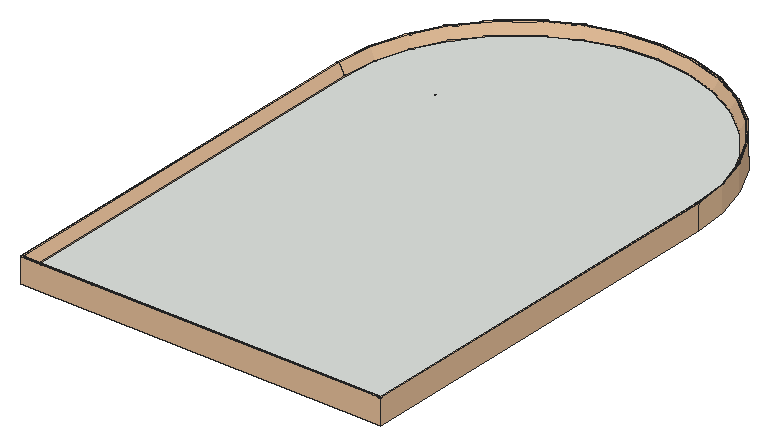
Revit family "Furniture-Mirror-KOHLER-Essential-K-30638_1", category Specialty Equipment, host Face, Revit 2021
Family settings
  Host = Face
  Round Connector Dimension = Use Diameter
  Part Type = Normal
  OmniClass Number = 23.21.37.13.15
  OmniClass Title = Mirrors
  Cut with Voids When Loaded = No
  Shared = No
  Room Calculation Point = No
Parameters (values of type "BGL-Moderne Brushed Gold")
  Width = 20"  # constant formula
  WaterSense Certified = 1 = 0  # no
  URL = "https://www.us.kohler.com/us/"
  Type = 1
  Product Page URL = "http://www.us.kohler.com/us/catalog/productDetails.jsp?productNumber=30638"
  Product Name = "Essential"  # constant formula
  Product Documentation Link = "https://www.us.kohler.com/webassets/kpna/catalog/pdf/en/K-30638_spec_US-CA_Kohler_en.pdf"
  Model = if(Type = 1, "K-30638-BGL", if(Type = 2, "K-30638-BLL", if(Type = 3, "K-30638-BNL", if(Type = 4, "K-30638-CPL", "NA"))))  # "K-30638-BGL"
  Material = "Premium Metal Construction"  # constant formula
  Master Format 2014 Name = "Cabinet and Drawer Hardware"  # constant formula
  Master Format 2014 = "06 41 93"  # constant formula
  Manufacturer Address = "444 Highland Dr, Kohler, WI 53044"  # constant formula
  Manufacturer = "Kohler Co."  # constant formula
  Length = 1 97/256"  # constant formula
  Height = 32"  # constant formula
  Finish = KOHLER-Metal-BGL-Moderne_Brushed_Gold
  Environmental Product Declaration = ""
  Description = "Arch Mirror 20 Inch X 32 Inch"  # constant formula
  Default Elevation = 60"
  Declare Label = ""
  Date Modified = "09/07/2023"  # constant formula
  Date Created = "01/02/2023"  # constant formula
  Copyright = "Copyright Kohler Co."  # constant formula
  Contact Us = "https://www.us.kohler.com/us/static/contact.jsp"
  Assembly Code = "E20"
  ADA Compliant = 1 = 0  # no
Types (5): name | Type | Model | Finish
  (no name) | 1 | "K-30638-BGL" | KOHLER-Metal-BGL-Moderne_Brushed_Gold
  CPL-Polished Chrome | 4 | "K-30638-CPL" | KOHLER-Metal-CPL-Polished_Chrome
  BNL-Brushed Nickel | 3 | "K-30638-BNL" | KOHLER-Metal-BNL-Brushed_Nickel
  BLL-Matte Black | 2 | "K-30638-BLL" | KOHLER-Metal-BLL-Matte_Black
  BGL-Moderne Brushed Gold | 1 | "K-30638-BGL" | KOHLER-Metal-BGL-Moderne_Brushed_Gold
Reference planes (in)
  plane 1 "Center (Front/Back)": y = 0
  plane 2: z = 0
  plane 3 "Center (Left/Right)": x = 0
  plane 4: z = 1.417323
  plane 5: z = 0.7283466
  plane 6: z = 0.0384167
  plane 7: y = 4.4015748
  plane 8: y = 7.5511811
  plane 9: x = -5.9055118
  plane 10: x = 5.9055118
  plane 11: y = -2.0472441
  plane 12: x = -10
  plane 13: x = 10
  plane 14: y = 15.9527559
  plane 15: y = -16.0472441
  plane 16: y = -0.0472441
Dimensions and locks (in)
  plane 7 to plane 8 = 3.14961"
  "Length": plane 6 to plane 4
  "Width": plane 12 to plane 13
  "Height": plane 15 to plane 14
  plane 15 to plane 8 = 23.59843"
  plane 15 to plane 16 = 16"
  aligned and locked: plane 2 to host face
  aligned and locked: level to host face
  aligned and locked: level to nested 1
  aligned and locked: plane 3 "Center (Left/Right)" to nested 1
Automatic sketch dimensions
  host sketch curve to host sketch curve = 96"  (x2)
Nested families (in)
  nested 1: "K-30638" at (0, -2.0472441, 0.7283466) x (1, 0, 0) z (0, 1, 0), type "K-30638"
Definition of nested family "K-30638"
  Parameters (values of type "K-30638")
    Material = none
    Default Elevation = 48"
  Reference planes (in)
    plane 1 "Center (Front/Back)": y = 0
    plane 2: z = 0
    plane 3 "Center (Left/Right)": x = 0
    plane 4: x = 10
    plane 5: x = -10
    plane 6: y = -0.6889764
    plane 7: y = 0.6889764
    plane 8: z = 18
    plane 9: z = -14
    plane 10: z = 0
    plane 11: z = 9.6299213
    plane 12: z = 6.480315
    plane 13: x = 5.9055118
    plane 14: x = -5.9055118
    plane 15: y = 0.7283466
    plane 16: z = 2
  Forms (in)
    Extrusion 1, solid
      sketch origin (0, 0, 0) x (1, 0, 0) y (0, 0, 1)
        loop
          arc (9.8740157, 8.000307) -> (0, 17.8743227) -> (-9.8740157, 8.000307) r 9.8740157
          line (-9.8740157, 8.000307) -> (-9.8740157, -13.8425197) -> (9.8740157, -13.8425197) -> (9.8740157, 8.000307)
      from -0.0669293 to 0.098425
    Sweep 2, solid, material <- "Material", detail levels medium+fine
      path origin (0, 0, 0) x (1, 0, 0) y (0, 0, 1)
        loop
          line (-10, 8.000307) -> (-10, -13.9685039) -> (10, -13.9685039) -> (10, 8.000307)
          arc (10, 8.000307) -> (0, 18.000307) -> (-10, 8.000307) r 10
      profile origin (-10, 0, -13.9685039) x (0, -1, 0) y (1, 0, 0)
        loop
          line (-0.6889765, 0) -> (0.6682367, 0)
          arc (0.6682367, 0) -> (0.6829019, 0.0060745) -> (0.6889764, 0.0207396) r 0.0207396
          line (0.6889764, 0.0207396) -> (0.6889764, 0.0610837)
          arc (0.6889764, 0.0610837) -> (0.6847828, 0.0762239) -> (0.6733972, 0.087049) r 0.0294273
          line (0.6733972, 0.087049) -> (0.1273736, 0.3782615)
          arc (0.1273736, 0.3782615) -> (0.1079822, 0.3777722) -> (0.098425, 0.3608924) r 0.019685
          line (0.098425, 0.3608924) -> (0.098425, 0.0472441) -> (-0.6889765, 0.0472441) -> (-0.6889765, 0)
    Extrusion 3, solid, detail levels medium+fine
      sketch origin (0, 0, 2.0472441) x (0, 1, 0) y (0, 0, 1)
        loop
          line (0.7283466, 5.3927165) -> (0.7283466, 7.4645669)
          arc (0.7283466, 7.4645669) -> (0.6937529, 7.5480835) -> (0.6102364, 7.5826772) r 0.1181102
          line (0.6102364, 7.5826772) -> (0.2362206, 7.5826772)
          arc (0.2362206, 7.5826772) -> (0.1527041, 7.5480835) -> (0.1181104, 7.4645669) r 0.1181102
          line (0.1181104, 7.4645669) -> (0.1181104, 3.9655512) -> (0.1771655, 3.9655512) -> (0.1771655, 7.4645669)
          arc (0.1771655, 7.4645669) -> (0.1944624, 7.5063252) -> (0.2362206, 7.523622) r 0.0590551
          line (0.2362206, 7.523622) -> (0.6102364, 7.523622)
          arc (0.6102364, 7.523622) -> (0.6519947, 7.5063252) -> (0.6692915, 7.4645669) r 0.0590551
          line (0.6692915, 7.4645669) -> (0.6692915, 5.3927165) -> (0.7283466, 5.3927165)
      from -6.6264715 to 7.1772955
    Extrusion 4, void
      sketch origin (0, 0, 2.0472441) x (1, 0, 0) y (0, 0, 1)
        loop
          line (5.9055118, 8.2519685) -> (5.9055118, 4.8267717)
          arc (5.9055118, 4.8267717) -> (5.7901995, 4.5483832) -> (5.511811, 4.4330709) r 0.3937008
          line (5.511811, 4.4330709) -> (-5.511811, 4.4330709)
          arc (-5.511811, 4.4330709) -> (-5.7901995, 4.5483832) -> (-5.9055118, 4.8267717) r 0.3937008
          line (-5.9055118, 4.8267717) -> (-5.9055118, 8.2519685) -> (-7.6771654, 8.2519685) -> (-7.6771654, 3.3307087) -> (8.0708661, 3.3307087) -> (8.0708661, 8.2519685) -> (5.9055118, 8.2519685)
      from -1.1606074 to 0.4711636
    Extrusion 5, void
      sketch origin (0, 0, 2.0472441) x (1, 0, 0) y (0, 0, 1)
        loop
          line (4.6062992, 6.4015748) -> (-4.6062992, 6.4015748)
          arc (-4.6062992, 6.4015748) -> (-4.6898158, 6.3669811) -> (-4.7244094, 6.2834646) r 0.1181102
          line (-4.7244094, 6.2834646) -> (-4.7244094, 6.1709502)
          arc (-4.7244094, 6.1709502) -> (-4.7543781, 6.0202875) -> (-4.8397217, 5.8925617) r 0.3937008
          line (-4.8397217, 5.8925617) -> (-5.0027979, 5.7294855)
          arc (-5.0027979, 5.7294855) -> (-5.1305237, 5.6441419) -> (-5.2811864, 5.6141732) r 0.3937008
          line (-5.2811864, 5.6141732) -> (-5.511811, 5.6141732)
          arc (-5.511811, 5.6141732) -> (-5.7901995, 5.7294855) -> (-5.9055118, 6.007874) r 0.3937008
          arc (-5.9055118, 6.007874) -> (-6.0677282, 6.334074) -> (-6.4257285, 6.4015748) r 0.409085
          line (-6.4257285, 6.4015748) -> (-6.4257285, 4.2362205) -> (6.1467085, 4.2362205) -> (6.1467085, 6.4015748)
          arc (6.1467085, 6.4015748) -> (5.9706051, 6.238729) -> (5.9055118, 6.007874) r 0.4419135
          arc (5.9055118, 6.007874) -> (5.7901995, 5.7294855) -> (5.511811, 5.6141732) r 0.3937008
          line (5.511811, 5.6141732) -> (5.2811864, 5.6141732)
          arc (5.2811864, 5.6141732) -> (5.1305237, 5.6441419) -> (5.0027979, 5.7294855) r 0.3937008
          line (5.0027979, 5.7294855) -> (4.8397217, 5.8925617)
          arc (4.8397217, 5.8925617) -> (4.7543781, 6.0202875) -> (4.7244094, 6.1709502) r 0.3937008
          line (4.7244094, 6.1709502) -> (4.7244094, 6.2834646)
          arc (4.7244094, 6.2834646) -> (4.6898158, 6.3669811) -> (4.6062992, 6.4015748) r 0.1181102
      from -0.9796212 to -0.493308
    Extrusion 6, solid, detail levels medium+fine
      sketch origin (0, 0, 2.0472441) x (0, 1, 0) y (0, 0, 1)
        loop
          arc (0.5782653, 6.317182) -> (0.5964707, 6.2931822) -> (0.6259844, 6.2992126) r 0.0282786
          line (0.6259844, 6.2992126) -> (0.6259844, 6.1181102) -> (0.6509077, 6.0971971) -> (0.6259844, 6.0787402) -> (0.6259844, 5.9636905)
          arc (0.6259844, 5.9636905) -> (0.6771655, 5.9125094) -> (0.7283466, 5.9636905) r 0.0511811
          line (0.7283466, 5.9636905) -> (0.7283466, 6.3622047)
          arc (0.7283466, 6.3622047) -> (0.7168154, 6.3900436) -> (0.6889765, 6.4015748) r 0.0393701
          line (0.6889765, 6.4015748) -> (0.6496221, 6.4015748) -> (0.6300991, 6.6247237)
          arc (0.6300991, 6.6247237) -> (0.5921495, 6.7621809) -> (0.5077251, 6.8771033) r 0.3937008
          line (0.5077251, 6.8771033) -> (0.3464955, 7.0288488)
          arc (0.3464955, 7.0288488) -> (0.2944404, 7.0272714) -> (0.2960178, 6.9752163) r 0.0368254
          line (0.2960178, 6.9752163) -> (0.4534208, 6.8270724)
          arc (0.4534208, 6.8270724) -> (0.5209603, 6.7351345) -> (0.55132, 6.6251687) r 0.3149606
          line (0.55132, 6.6251687) -> (0.5782653, 6.317182)
      from -4.3307087 to 4.3307087
    Extrusion 7, void
      sketch origin (0, 0, 2.0472441) x (1, 0, 0) y (0, 0, 1)
        loop
          circle (3.1496063, 6.0984252) r 0.0787402
        loop
          circle (0, 6.0984252) r 0.0787402
        loop
          circle (-3.1496063, 6.0984252) r 0.0787402
      from -1.0788122 to -0.477743
    Extrusion 8, solid, material <- "Material", detail levels coarse
      sketch origin (0, 0, 0) x (1, 0, 0) y (0, 0, 1)
        loop
          arc (10, 8.000307) -> (0, 18.000307) -> (-10, 8.000307) r 10
          line (-10, 8.000307) -> (-10, -13.9685039) -> (10, -13.9685039) -> (10, 8.000307)
        loop
          line (9.8740157, -13.8425197) -> (9.8740157, 8.000307)
          arc (9.8740157, 8.000307) -> (0, 17.8743227) -> (-9.8740157, 8.000307) r 9.8740157
          line (-9.8740157, 8.000307) -> (-9.8740157, -13.8425197) -> (9.8740157, -13.8425197)
      from -0.6889765 to 0.6889764
    Extrusion 9, solid, detail levels coarse
      sketch origin (-0.0906814, 0, 2.0472441) x (0, 1, 0) y (0, 0, 1)
        loop
          line (0.7283466, 5.3927165) -> (0.7283466, 7.4645669)
          arc (0.7283466, 7.4645669) -> (0.6937529, 7.5480835) -> (0.6102364, 7.5826772) r 0.1181102
          line (0.6102364, 7.5826772) -> (0.2362206, 7.5826772)
          arc (0.2362206, 7.5826772) -> (0.1527041, 7.5480835) -> (0.1181104, 7.4645669) r 0.1181102
          line (0.1181104, 7.4645669) -> (0.1181104, 3.9655512) -> (0.1771655, 3.9655512) -> (0.1771655, 7.4645669)
          arc (0.1771655, 7.4645669) -> (0.1944624, 7.5063252) -> (0.2362206, 7.523622) r 0.0590551
          line (0.2362206, 7.523622) -> (0.6102364, 7.523622)
          arc (0.6102364, 7.523622) -> (0.6519947, 7.5063252) -> (0.6692915, 7.4645669) r 0.0590551
          line (0.6692915, 7.4645669) -> (0.6692915, 5.3927165) -> (0.7283466, 5.3927165)
      from -6.6264715 to 7.1772955
  Cuts and joins
    Extrusion 4, Extrusion 5 cuts Extrusion 3
    Extrusion 7 cuts Extrusion 6
  Lines and regions (in)
    Masking region 1
      outline origin (0, 0, 0) x (1, 0, 0) y (0, 1, 0)
        loop
          line (-10, 0.6889765) -> (-10, -0.6889764) -> (10, -0.6889764) -> (10, 0.6889765) -> (5.9055118, 0.6889765) -> (5.9055118, 0.7283466) -> (-5.9055118, 0.7283466) -> (-5.9055118, 0.6889765) -> (-10, 0.6889765)
    Masking region 2
      outline origin (0, 0, 0) x (1, 0, 0) y (0, 0, 1)
        loop
          line (-10, 8.000307) -> (-10, -14) -> (10, -14) -> (10, 8.000307)
          arc (10, 8.000307) -> (0, 18.000307) -> (-10, 8.000307) r 10
    Masking region 3
      outline origin (0, 0, 0) x (0, 1, 0) y (0, 0, 1)
        loop
          line (0.6889764, 18) -> (-0.6889764, 18) -> (-0.6889764, -13.9685039) -> (0.6889764, -13.9685039) -> (0.6889764, 7.6614173) -> (0.7283466, 7.6614173) -> (0.7283466, 9.511811)
          arc (0.7283466, 9.511811) -> (0.7180557, 9.5600294) -> (0.6889764, 9.5998453) r 0.1181102
          line (0.6889764, 9.5998453) -> (0.6889764, 18)
    symbolic lines, detail levels medium+fine
      curve 1: line (-5.9055118, 0.6889765, 0) -> (5.9055118, 0.6889765, 0)
      curve 2: line (-9.8974303, 0, -13.8661626) -> (9.8974303, 0, -13.8661626)
      curve 3: line (9.8974303, 0, -13.8661626) -> (9.8974303, 0, 8.023706)
      curve 4: line (9.6924968, 0, -13.6612291) -> (9.6924968, 0, 8.1163262)
      curve 5: line (-9.6927252, 0, -13.6612291) -> (9.6927252, 0, -13.6612291)
      curve 6: line (9.6095953, 0, -13.5783277) -> (9.6095953, 0, 7.8583824)
      curve 7: line (-9.6095953, 0, -13.5783277) -> (9.6095953, 0, -13.5783277)
      curve 8: line (9.6927252, 0, -13.6612291) -> (10, 0, -13.9685039)
      curve 9: line (-10, -0.6221914, 0) -> (10, -0.6221914, 0)
      curve 10: line (0, -0.6371043, 18) -> (0, -0.6371043, -13.9685039)
      curve 11: line (-9.8974303, 0, -13.8661626) -> (-9.8974303, 0, 8.023706)
      curve 12: line (-9.6924968, 0, -13.6612291) -> (-9.6924968, 0, 8.0856578)
      curve 13: line (-9.6095953, 0, -13.5783277) -> (-9.6095953, 0, 8.009178)
      curve 14: line (-9.6927252, 0, -13.6612291) -> (-10, 0, -13.9685039)
      curve 15: arc (-9.6095953, 0, 8.009178) -> (0.0759917, 0, 17.6190692) -> (9.6095953, 0, 7.8583824) r 9.6101869
      curve 16: arc (-9.6924968, 0, 8.0856578) -> (-0.0153099, 0, 17.7781668) -> (9.6924968, 0, 8.1163262) r 9.6925211
      curve 17: arc (9.8974303, 0, 8.023706) -> (0, 0, 17.9211362) -> (-9.8974303, 0, 8.023706) r 9.8974303
      curve 18: line (0, 0.6889764, 9.5998453) -> (0, 0.6889764, 7.6614173)
      curve 19: line (0, 0.6889764, 8.000307) -> (0, -0.6889764, 8.000307)
  Dimensions and locks (in)
    plane 8 to plane 9 = 32"  (x2)
    plane 7 to plane 6 = 1.37795"
    plane 9 to plane 8 = 32"
    plane 9 to plane 10 = 14"
    plane 11 to plane 9 = 23.62992"  (x2)
    plane 11 to plane 12 = 3.14961"  (x2)
    plane 4 to plane 13 = 4.09449"
    plane 14 to plane 5 = 4.09449"
    plane 4 to plane 5 = 20"
    plane 5 to plane 4 = 20"
    aligned and locked: level to plane 2
